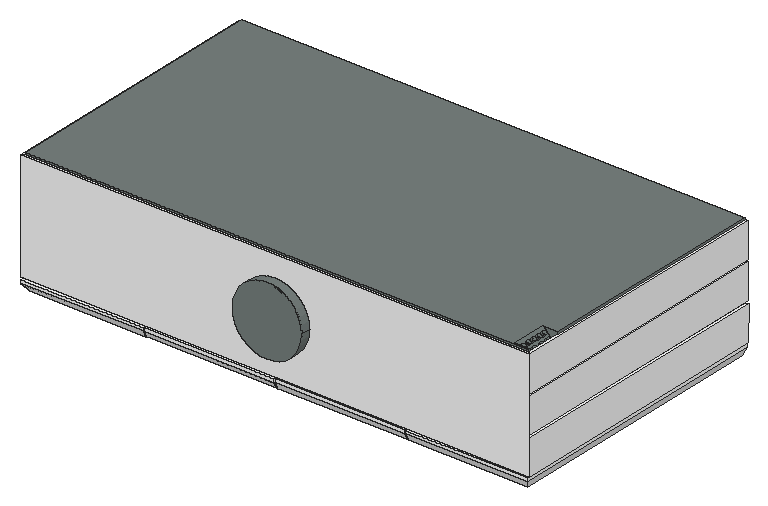
Revit family "AM 1000 HH DIT", category Mechanical Equipment, Revit 2019
Family settings
  Round Connector Dimension = Use Diameter
  Part Type = Normal
  OmniClass Number = 23.75.00.00
  OmniClass Title = Climate Control (HVAC)
  Work Plane-Based = No
  Always vertical = Yes
  Cut with Voids When Loaded = No
  Shared = No
  Room Calculation Point = No
Parameters
  Weight (Standard Unit) = 301.5  # constant formula
  Water heating surface in = "1/2\" (DN 15)"
  Water heating surface Return = "1/2\" (DN 15)"
  Water Heater Surface Return = 15 mm  # constant formula
  Water Heater Surface IN = 15 mm  # constant formula
  URL = "www.airmaster-as.com"
  Total Width = 2325 mm  # constant formula
  Total Hight = 560 mm  # constant formula
  Top Panel [instance] = yes
  T-C Duct Exhaust = 258 mm  # constant formula
  T-C Duct Supply = 258 mm  # constant formula
  Suply Air In = 315 mm  # constant formula
  R-C Duct Exhaust = 237 mm  # constant formula
  Phase 1 - Max Power Consumption = "4105 W"
  Phase 1 - Max Current = "19 A"
  Nominal current, electrical preheating surface = "10 A"
  Nominal current, electrical comfort heating surface = "6,5 A"
  Nominal current, air handling unit = "2,2 A"
  Network Conection = "AWG 24 CAT 5e STP"
  Model = "AM 1000 HHDIT"
  Middel Panel [instance] = yes
  Max. flow rate 35 dB(A) with ePM10 80% filters = 998.00 m³  # constant formula
  Max. flow rate 35 dB(A) with ePM10 55% filters = 1025.00 m³  # constant formula
  Max. flow rate 35 dB(A) with ePM10 50% filters = 1050.00 m³  # constant formula
  Max. flow rate 30 dB(A) with ePM10 80% filters = 903.00 m³  # constant formula
  Max. flow rate 30 dB(A) with ePM10 55% filters = 926.00 m³  # constant formula
  Max. flow rate 30 dB(A) with ePM10 50% filters = 950.00 m³  # constant formula
  Manufacturer = "Airmaster A/S"
  Maintenance [instance] = no
  L-C Duct ESupply = 317 mm  # constant formula
  Exhaust Air = 315 mm  # constant formula
  Total Depth = 1248 mm  # constant formula
  Electrical connection = "1  ~ 230V+N+PE / 3 ~ 230/400V+N+PE/ 50 Hz"
  Drawn By = "LSB"
  Data Sheet = "https://www.airmaster-as.com/media/dd4ftkqw/14174_ds_am1000_en_rev01.pdf"
  Condensate conector = "Ø6/9 mm"
  Condensate = 9 mm  # constant formula
  Buttom Panel [instance] = yes
  BMS Panel = "(PTS) 2x2x0,6"
  BMS Out = "(PTS) 2x2x0,6"
  BMS IN = "(PTS) 2x2x0,6"
  Airflow area [instance] = no
  Air flow area [instance] = Airflow
Reference planes
  plane 1 "Center (Front/Back)": y = 0
  plane 2: z = 0
  plane 3 "Center (Left/Right)": x = 0
  plane 4 "Center L/S": y = -1248
  plane 5 "Center L/T": x = -1162.5
  plane 6 "Center L/U": x = 1162.5
  plane 7 "TOP": z = 560
  plane 8 "Center L/V": x = -1147.5
  plane 9 "Center L/W": y = -1233
  plane 10 "Center L/X": x = 1147.5
  plane 11 "Panel Buttom": z = 44.5
  plane 12 "Panel Top": z = 212.5
  plane 13 "Hatch": z = 14.5
  plane 14 "Center L/Z": z = 222.5
  plane 15 "Center L/AA": z = 382.5
  plane 16 "Center L/BB": z = 392.5
  plane 17 "Center L/CC": z = 552.5
  plane 18 "Center L/DD": z = 52.35
  plane 19 "Center L/EE": z = 411.6
  plane 20: x = 1077.714
  plane 21: y = -1065.25
Forms (mm)
  Extrusion 1, solid, material "AM Grey"
    sketch origin (0, 0, 0) x (1, 0, 0) y (0, 1, 0)
      loop
        line (-1147.5, 0) -> (-1147.5, -1233) -> (1147.5, -1233) -> (1147.5, 0) -> (-1147.5, 0)
    from 44.5 to 560
  Blend 2, solid, material "AM White"
    base sketch origin (-790.646, -1524, 14.5) x (0, -1, 0) y (1, 0, 0)
      loop
        line (-276, -364.887) -> (-276, 1946.157) -> (-1524, 1946.157) -> (-1524, -364.887) -> (-276, -364.887)
    top sketch origin (-790.646, -1524, 14.5) x (0, -1, 0) y (1, 0, 0)
      loop
        line (-291, -337.182) -> (-291, 1935.146) -> (-1512, 1935.146) -> (-1512, -337.182) -> (-291, -337.182)
    from 14.086 to -14.5
  Extrusion 3, solid, material "AM Grey"
    sketch origin (-1147.5, 0, 0) x (1, 0, 0) y (0, 0, -1)
      loop
        circle (2073, -302) r 157.5
    from 0 to 9.75
  Extrusion 4, solid, material "AM Grey"
    sketch origin (-785, 0, 0) x (1, 0, 0) y (0, 0, -1)
      loop
        circle (-60.5, -302) r 157.5
    from 0 to 9.75
  Extrusion 5, solid, material "Maintenece", visible <- "Maintenance"
    sketch origin (-790.646, -1524, 0) x (1, 0, 0) y (0, -1, 0)
      loop
        line (-355.498, -1524) -> (1953.146, -1524) -> (1953.146, -276) -> (-355.498, -276) -> (-355.498, -1524)
    from 0 to 1200
  Extrusion 6, solid, material "Airflow" <- "Air flow area", visible <- "Airflow area"
    sketch origin (-790.646, -1524, 0) x (1, 0, 0) y (0, -1, 0)
      loop
        line (-371.854, -1524) -> (-371.854, -276) -> (-871.854, -276) -> (-871.854, -1524) -> (-371.854, -1524)
    from -392.5 to -552.5
  Extrusion 7, void
    sketch origin (1162.5, -1248, 44.5) x (1, 0, 0) y (0, 0, -1)
      loop
        line (-561, 44.65) -> (-570.2, 44.65)
        arc (-570.2, 44.65) -> (-568.786, 44.064) -> (-568.2, 42.65) r 2
        line (-568.2, 42.65) -> (-568.2, -7.85) -> (-563, -7.85) -> (-563, 42.65)
        arc (-563, 42.65) -> (-562.414, 44.064) -> (-561, 44.65) r 2
      loop
        line (-1157.2, 44.65) -> (-1166.4, 44.65)
        arc (-1166.4, 44.65) -> (-1164.986, 44.064) -> (-1164.4, 42.65) r 2
        line (-1164.4, 42.65) -> (-1164.4, -7.85) -> (-1159.2, -7.85) -> (-1159.2, 42.65)
        arc (-1159.2, 42.65) -> (-1158.614, 44.064) -> (-1157.2, 44.65) r 2
      loop
        line (-1754.3, 44.65) -> (-1763.5, 44.65)
        arc (-1763.5, 44.65) -> (-1762.086, 44.064) -> (-1761.5, 42.65) r 2
        line (-1761.5, 42.65) -> (-1761.5, -7.85) -> (-1756.3, -7.85) -> (-1756.3, 42.65)
        arc (-1756.3, 42.65) -> (-1755.714, 44.064) -> (-1754.3, 44.65) r 2
    from 0 to 1281
  Extrusion 8, solid, material "AM White"
    sketch origin (0, 0, 44.5) x (0, 1, 0) y (1, 0, 0)
      loop
        line (-1248, -1157) -> (0, -1157) -> (0, 1155.511) -> (-1248, 1155.511) -> (-1248, -1157)
    from 0 to 15.914
  Extrusion 9, solid, material "AM White", visible <- "Middel Panel"
    sketch origin (794.5, -1524, 214.5) x (0, -1, 0) y (-1, 0, 0)
      loop
        line (-1524, 1957) -> (-1524, 1942) -> (-293.318, 1942) -> (-278.318, 1957) -> (-1524, 1957)
      loop
        line (-1524, -368) -> (-278.318, -368) -> (-293.318, -353) -> (-1524, -353) -> (-1524, -368)
    from -7.85 to -168
  Extrusion 10, void
    sketch origin (-1162.5, 0, 44.5) x (0, 1, 0) y (0, 0, 1)
      loop
        line (-411.4, 495.5) -> (-501.4, 495.5) -> (-501.4, 465.5) -> (-411.4, 465.5) -> (-411.4, 495.5)
      loop
        line (-411.4, 460.5) -> (-501.4, 460.5) -> (-501.4, 430.5) -> (-411.4, 430.5) -> (-411.4, 460.5)
      loop
        line (-411.4, 425.5) -> (-501.4, 425.5) -> (-501.4, 395.5) -> (-411.4, 395.5) -> (-411.4, 425.5)
      loop
        line (-411.4, 390.5) -> (-501.4, 390.5) -> (-501.4, 360.5) -> (-411.4, 360.5) -> (-411.4, 390.5)
      loop
        line (-506.4, 495.5) -> (-596.4, 495.5) -> (-596.4, 465.5) -> (-506.4, 465.5) -> (-506.4, 495.5)
      loop
        line (-506.4, 460.5) -> (-596.4, 460.5) -> (-596.4, 430.5) -> (-506.4, 430.5) -> (-506.4, 460.5)
      loop
        line (-506.4, 425.5) -> (-596.4, 425.5) -> (-596.4, 395.5) -> (-506.4, 395.5) -> (-506.4, 425.5)
      loop
        line (-506.4, 390.5) -> (-596.4, 390.5) -> (-596.4, 360.5) -> (-506.4, 360.5) -> (-506.4, 390.5)
      loop
        line (-601.4, 495.5) -> (-691.4, 495.5) -> (-691.4, 465.5) -> (-601.4, 465.5) -> (-601.4, 495.5)
      loop
        line (-601.4, 460.5) -> (-691.4, 460.5) -> (-691.4, 430.5) -> (-601.4, 430.5) -> (-601.4, 460.5)
      loop
        line (-601.4, 425.5) -> (-691.4, 425.5) -> (-691.4, 395.5) -> (-601.4, 395.5) -> (-601.4, 425.5)
      loop
        line (-601.4, 390.5) -> (-691.4, 390.5) -> (-691.4, 360.5) -> (-601.4, 360.5) -> (-601.4, 390.5)
      loop
        line (-696.4, 495.5) -> (-786.4, 495.5) -> (-786.4, 465.5) -> (-696.4, 465.5) -> (-696.4, 495.5)
      loop
        line (-696.4, 460.5) -> (-786.4, 460.5) -> (-786.4, 430.5) -> (-696.4, 430.5) -> (-696.4, 460.5)
      loop
        line (-696.4, 425.5) -> (-786.4, 425.5) -> (-786.4, 395.5) -> (-696.4, 395.5) -> (-696.4, 425.5)
      loop
        line (-696.4, 390.5) -> (-786.4, 390.5) -> (-786.4, 360.5) -> (-696.4, 360.5) -> (-696.4, 390.5)
      loop
        line (-791.4, 495.5) -> (-881.4, 495.5) -> (-881.4, 465.5) -> (-791.4, 465.5) -> (-791.4, 495.5)
      loop
        line (-791.4, 460.5) -> (-881.4, 460.5) -> (-881.4, 430.5) -> (-791.4, 430.5) -> (-791.4, 460.5)
      loop
        line (-791.4, 425.5) -> (-881.4, 425.5) -> (-881.4, 395.5) -> (-791.4, 395.5) -> (-791.4, 425.5)
      loop
        line (-791.4, 390.5) -> (-881.4, 390.5) -> (-881.4, 360.5) -> (-791.4, 360.5) -> (-791.4, 390.5)
      loop
        line (-886.4, 495.5) -> (-976.4, 495.5) -> (-976.4, 465.5) -> (-886.4, 465.5) -> (-886.4, 495.5)
      loop
        line (-886.4, 460.5) -> (-976.4, 460.5) -> (-976.4, 430.5) -> (-886.4, 430.5) -> (-886.4, 460.5)
      loop
        line (-886.4, 425.5) -> (-976.4, 425.5) -> (-976.4, 395.5) -> (-886.4, 395.5) -> (-886.4, 425.5)
      loop
        line (-886.4, 390.5) -> (-976.4, 390.5) -> (-976.4, 360.5) -> (-886.4, 360.5) -> (-886.4, 390.5)
      loop
        line (-981.4, 495.5) -> (-1071.4, 495.5) -> (-1071.4, 465.5) -> (-981.4, 465.5) -> (-981.4, 495.5)
      loop
        line (-981.4, 460.5) -> (-1071.4, 460.5) -> (-1071.4, 430.5) -> (-981.4, 430.5) -> (-981.4, 460.5)
      loop
        line (-981.4, 425.5) -> (-1071.4, 425.5) -> (-1071.4, 395.5) -> (-981.4, 395.5) -> (-981.4, 425.5)
      loop
        line (-981.4, 390.5) -> (-1071.4, 390.5) -> (-1071.4, 360.5) -> (-981.4, 360.5) -> (-981.4, 390.5)
    from 0 to 15
  Extrusion 11, solid
    sketch origin (1147.5, -1256.441, -6.992) x (0, 1, 0) y (0, 0, 1)
      loop
        arc (1222.716, 528.556) -> (1233.368, 538.673) -> (1222.441, 548.492) r 10
        arc (1222.441, 548.492) -> (1213.37, 538.397) -> (1222.716, 528.556) r 10
    from 0 to 14
  Extrusion 12, solid
    sketch origin (1147.5, -1256.441, -6.992) x (0, 1, 0) y (0, 0, 1)
      loop
        arc (1200.869, 545.503) -> (1201.138, 537.541) -> (1202.323, 545.419) r 4
        arc (1202.323, 545.419) -> (1201.6, 545.528) -> (1200.869, 545.503) r 4
    from 0 to 14
  Extrusion 13, solid
    sketch origin (1147.5, -1256.441, -6.992) x (0, 1, 0) y (0, 0, 1)
      loop
        arc (1222.716, 498.556) -> (1233.368, 508.673) -> (1222.441, 518.492) r 10
        arc (1222.441, 518.492) -> (1213.37, 508.397) -> (1222.716, 498.556) r 10
    from 0 to 14
  Extrusion 14, solid
    sketch origin (1147.5, -1256.441, -6.992) x (0, 1, 0) y (0, 0, 1)
      loop
        arc (1200.869, 531.503) -> (1201.138, 523.541) -> (1202.323, 531.419) r 4
        arc (1202.323, 531.419) -> (1201.6, 531.528) -> (1200.869, 531.503) r 4
    from 0 to 14
  Extrusion 15, solid
    sketch origin (1147.5, -1256.441, -6.992) x (0, 1, 0) y (0, 0, 1)
      loop
        arc (1200.869, 517.503) -> (1201.138, 509.541) -> (1202.323, 517.419) r 4
        arc (1202.323, 517.419) -> (1201.6, 517.528) -> (1200.869, 517.503) r 4
    from 0 to 14
  Extrusion 16, solid
    sketch origin (1147.5, -1256.441, -6.992) x (0, 1, 0) y (0, 0, 1)
      loop
        arc (1200.869, 503.503) -> (1201.138, 495.541) -> (1202.323, 503.419) r 4
        arc (1202.323, 503.419) -> (1201.6, 503.528) -> (1200.869, 503.503) r 4
    from 0 to 14
  Extrusion 17, solid
    sketch origin (1147.5, -1256.441, -6.992) x (0, 1, 0) y (0, 0, 1)
      loop
        arc (1200.869, 489.503) -> (1201.138, 481.541) -> (1202.323, 489.419) r 4
        arc (1202.323, 489.419) -> (1201.6, 489.528) -> (1200.869, 489.503) r 4
    from 0 to 14
  Extrusion 18, solid
    sketch origin (1147.5, -1256.441, -6.992) x (0, 1, 0) y (0, 0, 1)
      loop
        arc (1200.869, 475.503) -> (1201.138, 467.541) -> (1202.323, 475.419) r 4
        arc (1202.323, 475.419) -> (1201.6, 475.528) -> (1200.869, 475.503) r 4
    from 0 to 14
  Extrusion 19, solid
    sketch origin (1147.5, -1256.441, -6.992) x (0, 1, 0) y (0, 0, 1)
      loop
        arc (1200.869, 461.503) -> (1201.138, 453.541) -> (1202.323, 461.419) r 4
        arc (1202.323, 461.419) -> (1201.6, 461.528) -> (1200.869, 461.503) r 4
    from 0 to 14
  Extrusion 20, solid
    sketch origin (1147.5, -1256.441, -6.992) x (0, 1, 0) y (0, 0, 1)
      loop
        arc (1200.869, 447.503) -> (1201.138, 439.541) -> (1202.323, 447.419) r 4
        arc (1202.323, 447.419) -> (1201.6, 447.528) -> (1200.869, 447.503) r 4
    from 0 to 14
  Extrusion 21, solid
    sketch origin (1147.5, -1256.441, -6.992) x (0, 1, 0) y (0, 0, 1)
      loop
        arc (1200.869, 433.503) -> (1201.138, 425.541) -> (1202.323, 433.419) r 4
        arc (1202.323, 433.419) -> (1201.6, 433.528) -> (1200.869, 433.503) r 4
    from 0 to 14
  Extrusion 22, solid
    sketch origin (1147.5, -1256.441, -6.992) x (0, 1, 0) y (0, 0, 1)
      loop
        arc (1200.869, 419.503) -> (1201.138, 411.541) -> (1202.323, 419.419) r 4
        arc (1202.323, 419.419) -> (1201.6, 419.528) -> (1200.869, 419.503) r 4
    from 0 to 14
  Extrusion 23, solid
    sketch origin (1147.5, -1256.441, -6.992) x (0, 1, 0) y (0, 0, 1)
      loop
        arc (1222.716, 468.556) -> (1233.368, 478.673) -> (1222.441, 488.492) r 10
        arc (1222.441, 488.492) -> (1213.37, 478.397) -> (1222.716, 468.556) r 10
    from 0 to 14
  Extrusion 24, solid
    sketch origin (1147.5, -1256.441, -6.992) x (0, 1, 0) y (0, 0, 1)
      loop
        arc (1222.716, 438.556) -> (1233.368, 448.673) -> (1222.441, 458.492) r 10
        arc (1222.441, 458.492) -> (1213.37, 448.397) -> (1222.716, 438.556) r 10
    from 0 to 14
  Extrusion 25, solid
    sketch origin (1147.5, -1256.441, -6.992) x (0, 1, 0) y (0, 0, 1)
      loop
        arc (1222.716, 408.556) -> (1233.368, 418.673) -> (1222.441, 428.492) r 10
        arc (1222.441, 428.492) -> (1213.37, 418.397) -> (1222.716, 408.556) r 10
    from 0 to 14
  Extrusion 26, void
    sketch origin (1147.5, -1233, 0) x (1, 0, 0) y (0, 0, -1)
      loop
        line (-69.786, -560) -> (0, -560) -> (0, -490.214) -> (-69.786, -560)
    from 5 to 167.75
  Extrusion 27, solid, material "AM Grey"
    sketch origin (1077.714, -1240.497, 560) x (0.707107, 0, -0.707107) y (0, 1, 0)
      loop
        circle (55.785, 29.963) r 10
    from 0 to 15
  Extrusion 28, solid, material "AM Grey"
    sketch origin (1077.714, -4445.497, 560) x (0.707107, 0, -0.707107) y (0, 1, 0)
      loop
        circle (25.193, 3235.104) r 8
    from 0 to 15
  Extrusion 29, solid, material "AM Grey"
    sketch origin (1077.714, -4415.497, 560) x (0.707107, 0, -0.707107) y (0, 1, 0)
      loop
        circle (25.193, 3235.104) r 8
    from 0 to 15
  Extrusion 30, solid, material "AM Grey"
    sketch origin (1077.714, -4385.497, 560) x (0.707107, 0, -0.707107) y (0, 1, 0)
      loop
        circle (25.193, 3235.104) r 8
    from 0 to 15
  Extrusion 31, solid, material "AM Grey"
    sketch origin (1077.714, -4355.497, 560) x (0.707107, 0, -0.707107) y (0, 1, 0)
      loop
        circle (25.193, 3235.104) r 8
    from 0 to 15
  Extrusion 32, solid, material "AM Grey"
    sketch origin (1077.714, -4325.497, 560) x (0.707107, 0, -0.707107) y (0, 1, 0)
      loop
        circle (25.193, 3235.104) r 8
    from 0 to 15
  Extrusion 33, solid, material "AM Grey"
    sketch origin (1077.714, -1201.186, 560) x (0.707107, 0, -0.707107) y (0, 1, 0)
      loop
        circle (55.785, 29.963) r 10
    from 0 to 15
  Extrusion 34, solid, material "AM Grey"
    sketch origin (1077.714, -1159.936, 560) x (0.707107, 0, -0.707107) y (0, 1, 0)
      loop
        circle (55.785, 29.963) r 10
    from 0 to 15
  Extrusion 35, solid, material "AM Grey"
    sketch origin (1077.714, -1120.561, 560) x (0.707107, 0, -0.707107) y (0, 1, 0)
      loop
        circle (55.785, 29.963) r 10
    from 0 to 15
  Extrusion 36, solid, material "AM Grey"
    sketch origin (-1147.5, -1233, 0) x (0, 1, 0) y (0, 0, -1)
      loop
        line (1232.629, -484.5) -> (1232.629, -460.5) -> (1225.161, -460.5) -> (1208.129, -460.5)
        arc (1208.129, -460.5) -> (1196.129, -472.5) -> (1208.129, -484.5) r 12
        line (1208.129, -484.5) -> (1224.336, -484.5) -> (1232.629, -484.5)
    from 0 to 14
  Extrusion 37, solid, material "AM Grey"
    sketch origin (-1147.5, -1233, -44.5) x (0, 1, 0) y (0, 0, -1)
      loop
        line (1232.629, -484.5) -> (1232.629, -460.5) -> (1225.161, -460.5) -> (1208.129, -460.5)
        arc (1208.129, -460.5) -> (1196.129, -472.5) -> (1208.129, -484.5) r 12
        line (1208.129, -484.5) -> (1224.336, -484.5) -> (1232.629, -484.5)
    from 0 to 14
  Extrusion 38, solid, material "AM White"
    sketch origin (794.5, -1524, 44.5) x (0, -1, 0) y (-1, 0, 0)
      loop
        line (-276, -365.7) -> (-276, 1954.706) -> (-291, 1939.706) -> (-291, -350.7) -> (-276, -365.7)
    from -7.85 to -508
  Extrusion 39, solid, material "AM White", visible <- "Top Panel"
    sketch origin (794.5, -1524, 384.5) x (0, -1, 0) y (-1, 0, 0)
      loop
        line (-1524, 1957) -> (-1524, 1942) -> (-293.318, 1942) -> (-278.318, 1957) -> (-1524, 1957)
      loop
        line (-1524, -368) -> (-278.318, -368) -> (-293.318, -353) -> (-1524, -353) -> (-1524, -368)
    from -7.85 to -168
  Extrusion 40, solid, material "AM White", visible <- "Buttom Panel"
    sketch origin (794.5, -1524, 44.5) x (0, -1, 0) y (-1, 0, 0)
      loop
        line (-1524, 1957) -> (-1524, 1942) -> (-293.318, 1942) -> (-278.318, 1957) -> (-1524, 1957)
      loop
        line (-1524, -368) -> (-278.318, -368) -> (-293.318, -353) -> (-1524, -353) -> (-1524, -368)
    from -7.85 to -168
  Extrusion 41, solid, material "AM Grey"
    sketch origin (1162.5, -1248, 214.5) x (-1, 0, 0) y (0, 0, -1)
      loop
        circle (1162, -87.5) r 157.5
    from 0 to 45
Cuts and joins
  Extrusion 7 cuts Blend 2
  Extrusion 7 cuts Extrusion 8
  Extrusion 10, Extrusion 26 cuts Extrusion 1
  Extrusion 10 cuts Extrusion 6
  Extrusion 10 cuts Extrusion 39
Dimensions and locks
  "Total Depth": plane 4 "Center L/S" to plane 1 "Center (Front/Back)"
  equal spacing: plane 5 "Center L/T", plane 3 "Center (Left/Right)", plane 6 "Center L/U"
  "Total Width": plane 5 "Center L/T" to plane 6 "Center L/U"
  "Total Hight": plane 7 "TOP" to level
  locked: plane 10 "Center L/X" to plane 6 "Center L/U" at 15
  locked: plane 4 "Center L/S" to plane 9 "Center L/W" at 15
  locked: plane 5 "Center L/T" to plane 8 "Center L/V" at 15
  "R-C Duct Exhaust": plane 6 "Center L/U" to Extrusion 3 sketch curve
  "T-C Duct Supply": Extrusion 4 sketch curve to plane 7 "TOP"
  "L-C Duct ESupply": Extrusion 4 sketch curve to plane 5 "Center L/T"
  Extrusion 6 to plane 5 "Center L/T" = 500 mm
  nested 2 to plane 1 "Center (Front/Back)" = 624 mm
  plane 6 "Center L/U" to Extrusion 41 sketch curve = 1162 mm
  plane 7 "TOP" to Extrusion 41 sketch curve = 258 mm
  "Exhaust Air": diameter of Extrusion 3 sketch curve
  "Suply Air In": diameter of Extrusion 4 sketch curve
  "Suply Air In": diameter of Extrusion 41 sketch curve
  aligned and locked: level to plane 2
  aligned and locked: plane 1 "Center (Front/Back)" to Extrusion 1 sketch curve
  aligned and locked: Extrusion 1 sketch curve to plane 8 "Center L/V"
  aligned and locked: Extrusion 1 sketch curve to plane 9 "Center L/W"
  aligned and locked: Extrusion 1 sketch curve to plane 10 "Center L/X"
  aligned and locked: plane 7 "TOP" to Extrusion 1
  aligned and locked: Blend 2 to plane 2
  aligned and locked: Extrusion 1 to plane 11 "Panel Buttom"
  aligned and locked: plane 5 "Center L/T" to Extrusion 6
  aligned and locked: Extrusion 3 to Extrusion 4
Automatic sketch dimensions
  plane 1 "Center (Front/Back)" to Blend 2 sketch curve = 0 mm
  plane 4 "Center L/S" to Blend 2 sketch curve = 0 mm
  plane 5 "Center L/T" to Blend 2 sketch curve = 6.967 mm
  Blend 2 sketch curve to plane 6 "Center L/U" = 6.989 mm
  Blend 2 sketch curve to plane 9 "Center L/W" = 0 mm
  Blend 2 sketch curve to plane 10 "Center L/X" = 3 mm
  plane 1 "Center (Front/Back)" to Blend 2 sketch curve = 12 mm
  plane 8 "Center L/V" to Blend 2 sketch curve = 19.672 mm
  Extrusion 1 to Extrusion 3 sketch curve = 258 mm
  Extrusion 5 sketch curve to Blend 2 = 18.316 mm
  Extrusion 5 sketch curve to Blend 2 = 18 mm
  Extrusion 5 sketch curve to Blend 2 = 15 mm
  Extrusion 5 sketch curve to Blend 2 = 12 mm
  Extrusion 6 sketch curve to Blend 2 = 12 mm
  Extrusion 6 sketch curve to Blend 2 = 534.672 mm
  Extrusion 6 sketch curve to Blend 2 = 15 mm
  Extrusion 6 sketch curve to Blend 2 = 34.672 mm
  Extrusion 7 sketch curve to plane 18 "Center L/DD" = 0 mm  (x3)
  level to Extrusion 7 sketch curve = 1.85 mm  (x6)
  plane 8 "Center L/V" to Extrusion 7 sketch curve = 546.5 mm
  Extrusion 7 sketch curve to Extrusion 7 sketch curve = 2 mm  (x5)
  Extrusion 7 sketch curve to Extrusion 7 sketch curve = 5.2 mm  (x2)
  Extrusion 7 sketch curve to plane 3 "Center (Left/Right)" = 3.9 mm
  Extrusion 7 sketch curve to plane 3 "Center (Left/Right)" = 1.9 mm
  plane 3 "Center (Left/Right)" to Extrusion 7 sketch curve = 3.3 mm
  Extrusion 7 sketch curve to plane 20 = 485.414 mm
  Extrusion 7 sketch curve to Extrusion 7 sketch curve = 0 mm  (x9)
  Extrusion 1 to Extrusion 8 sketch curve = 0 mm
  Extrusion 8 sketch curve to Extrusion 1 = 15 mm
  Extrusion 8 sketch curve to Extrusion 1 = 8.011 mm
  Extrusion 8 sketch curve to Extrusion 1 = 9.5 mm
  plane 1 "Center (Front/Back)" to Extrusion 9 sketch curve = 0 mm  (x2)
  Extrusion 9 sketch curve to plane 10 "Center L/X" = 0 mm
  Extrusion 9 sketch curve to plane 8 "Center L/V" = 0 mm
  Extrusion 9 sketch curve to plane 5 "Center L/T" = 0 mm
  Extrusion 9 sketch curve to plane 6 "Center L/U" = 0 mm
  Extrusion 9 sketch curve to plane 9 "Center L/W" = 2.318 mm  (x2)
  Extrusion 9 sketch curve to plane 4 "Center L/S" = 2.318 mm  (x2)
  Extrusion 10 sketch curve to plane 21 = 6.15 mm  (x2)
  Extrusion 10 sketch curve to Extrusion 10 sketch curve = 0 mm  (x50)
  plane 21 to Extrusion 10 sketch curve = 83.85 mm
  Extrusion 10 sketch curve to Extrusion 10 sketch curve = 5 mm  (x35)
  Extrusion 10 sketch curve to Extrusion 10 sketch curve = 90 mm  (x6)
  plane 19 "Center L/EE" to Extrusion 10 sketch curve = 6.6 mm  (x3)
  Extrusion 10 sketch curve to plane 19 "Center L/EE" = 23.4 mm  (x5)
  Extrusion 10 sketch curve to Extrusion 10 sketch curve = 30 mm  (x6)
  plane 17 "Center L/CC" to Extrusion 10 sketch curve = 12.5 mm  (x4)
  Extrusion 11 sketch curve to Extrusion 11 sketch curve = 0 mm  (x2)
  Extrusion 1 to Extrusion 11 sketch curve = 33.072 mm
  Extrusion 1 to Extrusion 11 sketch curve = 28.457 mm
  Extrusion 11 sketch curve to Extrusion 11 sketch curve = 0.653 mm
  Extrusion 11 sketch curve to Extrusion 11 sketch curve = 0.928 mm
  Extrusion 11 sketch curve to Extrusion 11 sketch curve = 9.979 mm
  Extrusion 12 sketch curve to Extrusion 12 sketch curve = 0 mm  (x2)
  Extrusion 1 to Extrusion 12 sketch curve = 25.457 mm
  Extrusion 1 to Extrusion 12 sketch curve = 55.072 mm
  Extrusion 12 sketch curve to Extrusion 12 sketch curve = 0.5 mm
  Extrusion 12 sketch curve to Extrusion 12 sketch curve = 1.454 mm
  Extrusion 12 sketch curve to Extrusion 12 sketch curve = 3.884 mm
  Extrusion 13 sketch curve to Extrusion 13 sketch curve = 0 mm  (x2)
  Extrusion 1 to Extrusion 13 sketch curve = 33.072 mm
  Extrusion 1 to Extrusion 13 sketch curve = 58.457 mm
  Extrusion 13 sketch curve to Extrusion 13 sketch curve = 0.653 mm
  Extrusion 13 sketch curve to Extrusion 13 sketch curve = 0.928 mm
  Extrusion 13 sketch curve to Extrusion 13 sketch curve = 9.979 mm
  Extrusion 14 sketch curve to Extrusion 14 sketch curve = 0 mm  (x2)
  Extrusion 1 to Extrusion 14 sketch curve = 55.072 mm
  Extrusion 1 to Extrusion 14 sketch curve = 39.457 mm
  Extrusion 14 sketch curve to Extrusion 14 sketch curve = 0.5 mm
  Extrusion 14 sketch curve to Extrusion 14 sketch curve = 1.454 mm
  Extrusion 14 sketch curve to Extrusion 14 sketch curve = 3.884 mm
  Extrusion 15 sketch curve to Extrusion 15 sketch curve = 0 mm  (x2)
  Extrusion 1 to Extrusion 15 sketch curve = 55.072 mm
  Extrusion 1 to Extrusion 15 sketch curve = 53.457 mm
  Extrusion 15 sketch curve to Extrusion 15 sketch curve = 0.5 mm
  Extrusion 15 sketch curve to Extrusion 15 sketch curve = 1.454 mm
  Extrusion 15 sketch curve to Extrusion 15 sketch curve = 3.884 mm
  Extrusion 16 sketch curve to Extrusion 16 sketch curve = 0 mm  (x2)
  Extrusion 1 to Extrusion 16 sketch curve = 55.072 mm
  Extrusion 1 to Extrusion 16 sketch curve = 67.457 mm
  Extrusion 16 sketch curve to Extrusion 16 sketch curve = 0.5 mm
  Extrusion 16 sketch curve to Extrusion 16 sketch curve = 1.454 mm
  Extrusion 16 sketch curve to Extrusion 16 sketch curve = 3.884 mm
  Extrusion 17 sketch curve to Extrusion 17 sketch curve = 0 mm  (x2)
  Extrusion 1 to Extrusion 17 sketch curve = 55.072 mm
  Extrusion 1 to Extrusion 17 sketch curve = 81.457 mm
  Extrusion 17 sketch curve to Extrusion 17 sketch curve = 0.5 mm
  Extrusion 17 sketch curve to Extrusion 17 sketch curve = 1.454 mm
  Extrusion 17 sketch curve to Extrusion 17 sketch curve = 3.884 mm
  Extrusion 18 sketch curve to Extrusion 18 sketch curve = 0 mm  (x2)
  Extrusion 1 to Extrusion 18 sketch curve = 55.072 mm
  Extrusion 1 to Extrusion 18 sketch curve = 95.457 mm
  Extrusion 18 sketch curve to Extrusion 18 sketch curve = 0.5 mm
  Extrusion 18 sketch curve to Extrusion 18 sketch curve = 1.454 mm
  Extrusion 18 sketch curve to Extrusion 18 sketch curve = 3.884 mm
  Extrusion 19 sketch curve to Extrusion 19 sketch curve = 0 mm  (x2)
  Extrusion 1 to Extrusion 19 sketch curve = 55.072 mm
  Extrusion 1 to Extrusion 19 sketch curve = 109.457 mm
  Extrusion 19 sketch curve to Extrusion 19 sketch curve = 0.5 mm
  Extrusion 19 sketch curve to Extrusion 19 sketch curve = 1.454 mm
  Extrusion 19 sketch curve to Extrusion 19 sketch curve = 3.884 mm
  Extrusion 20 sketch curve to Extrusion 20 sketch curve = 0 mm  (x2)
  Extrusion 1 to Extrusion 20 sketch curve = 55.072 mm
  Extrusion 1 to Extrusion 20 sketch curve = 123.457 mm
  Extrusion 20 sketch curve to Extrusion 20 sketch curve = 0.5 mm
  Extrusion 20 sketch curve to Extrusion 20 sketch curve = 1.454 mm
  Extrusion 20 sketch curve to Extrusion 20 sketch curve = 3.884 mm
  Extrusion 21 sketch curve to Extrusion 21 sketch curve = 0 mm  (x2)
  Extrusion 1 to Extrusion 21 sketch curve = 55.072 mm
  Extrusion 1 to Extrusion 21 sketch curve = 137.457 mm
  Extrusion 21 sketch curve to Extrusion 21 sketch curve = 0.5 mm
  Extrusion 21 sketch curve to Extrusion 21 sketch curve = 1.454 mm
  Extrusion 21 sketch curve to Extrusion 21 sketch curve = 3.884 mm
  Extrusion 22 sketch curve to Extrusion 22 sketch curve = 0 mm  (x2)
  Extrusion 1 to Extrusion 22 sketch curve = 55.072 mm
  Extrusion 1 to Extrusion 22 sketch curve = 151.457 mm
  Extrusion 22 sketch curve to Extrusion 22 sketch curve = 0.5 mm
  Extrusion 22 sketch curve to Extrusion 22 sketch curve = 1.454 mm
  Extrusion 22 sketch curve to Extrusion 22 sketch curve = 3.884 mm
  Extrusion 23 sketch curve to Extrusion 23 sketch curve = 0 mm  (x2)
  Extrusion 1 to Extrusion 23 sketch curve = 33.072 mm
  Extrusion 1 to Extrusion 23 sketch curve = 88.457 mm
  Extrusion 23 sketch curve to Extrusion 23 sketch curve = 0.653 mm
  Extrusion 23 sketch curve to Extrusion 23 sketch curve = 0.928 mm
  Extrusion 23 sketch curve to Extrusion 23 sketch curve = 9.979 mm
  Extrusion 24 sketch curve to Extrusion 24 sketch curve = 0 mm  (x2)
  Extrusion 1 to Extrusion 24 sketch curve = 33.072 mm
  Extrusion 1 to Extrusion 24 sketch curve = 118.457 mm
  Extrusion 24 sketch curve to Extrusion 24 sketch curve = 0.653 mm
  Extrusion 24 sketch curve to Extrusion 24 sketch curve = 0.928 mm
  Extrusion 24 sketch curve to Extrusion 24 sketch curve = 9.979 mm
  Extrusion 25 sketch curve to Extrusion 25 sketch curve = 0 mm  (x2)
  Extrusion 1 to Extrusion 25 sketch curve = 33.072 mm
  Extrusion 1 to Extrusion 25 sketch curve = 148.457 mm
  Extrusion 25 sketch curve to Extrusion 25 sketch curve = 0.653 mm
  Extrusion 25 sketch curve to Extrusion 25 sketch curve = 0.928 mm
  Extrusion 25 sketch curve to Extrusion 25 sketch curve = 9.979 mm
  Extrusion 26 sketch curve to Extrusion 1 = 0 mm
  Extrusion 1 to Extrusion 26 sketch curve = 0 mm
  Extrusion 1 to Extrusion 26 sketch curve = 69.786 mm
  Extrusion 26 sketch curve to Extrusion 26 sketch curve = 69.786 mm
  Extrusion 26 to Extrusion 27 sketch curve = 17.466 mm
  Extrusion 27 sketch curve to Extrusion 26 = 42.906 mm
  Extrusion 28 sketch curve to Extrusion 26 = 25.193 mm
  Extrusion 26 to Extrusion 28 sketch curve = 17.608 mm
  Extrusion 29 sketch curve to Extrusion 26 = 25.193 mm
  Extrusion 26 to Extrusion 29 sketch curve = 47.608 mm
  Extrusion 30 sketch curve to Extrusion 26 = 25.193 mm
  Extrusion 26 to Extrusion 30 sketch curve = 77.608 mm
  Extrusion 31 sketch curve to Extrusion 26 = 25.193 mm
  Extrusion 26 to Extrusion 31 sketch curve = 55.142 mm
  Extrusion 32 sketch curve to Extrusion 26 = 25.193 mm
  Extrusion 26 to Extrusion 32 sketch curve = 25.142 mm
  Extrusion 33 sketch curve to Extrusion 26 = 42.906 mm
  Extrusion 26 to Extrusion 33 sketch curve = 56.777 mm
  Extrusion 34 sketch curve to Extrusion 26 = 42.906 mm
  Extrusion 26 to Extrusion 34 sketch curve = 64.723 mm
  Extrusion 35 sketch curve to Extrusion 26 = 42.906 mm
  Extrusion 26 to Extrusion 35 sketch curve = 25.348 mm
  Extrusion 1 to Extrusion 36 sketch curve = 24.871 mm
  Extrusion 1 to Extrusion 36 sketch curve = 8.664 mm
  Extrusion 1 to Extrusion 36 sketch curve = 7.839 mm
  Extrusion 1 to Extrusion 36 sketch curve = 0.371 mm
  Extrusion 1 to Extrusion 36 sketch curve = 75.5 mm
  Extrusion 36 sketch curve to Extrusion 36 sketch curve = 12 mm
  Extrusion 1 to Extrusion 37 sketch curve = 24.871 mm
  Extrusion 1 to Extrusion 37 sketch curve = 8.664 mm
  Extrusion 1 to Extrusion 37 sketch curve = 7.839 mm
  Extrusion 1 to Extrusion 37 sketch curve = 0.371 mm
  Extrusion 1 to Extrusion 37 sketch curve = 120 mm
  Extrusion 37 sketch curve to Extrusion 37 sketch curve = 12 mm
  Extrusion 38 sketch curve to plane 9 "Center L/W" = 0 mm
  plane 4 "Center L/S" to Extrusion 38 sketch curve = 0 mm
  plane 5 "Center L/T" to Extrusion 38 sketch curve = 2.294 mm
  plane 8 "Center L/V" to Extrusion 38 sketch curve = 2.294 mm
  Extrusion 38 sketch curve to plane 10 "Center L/X" = 2.3 mm
  Extrusion 38 sketch curve to plane 6 "Center L/U" = 2.3 mm
  plane 1 "Center (Front/Back)" to Extrusion 39 sketch curve = 0 mm  (x2)
  Extrusion 39 sketch curve to plane 10 "Center L/X" = 0 mm
  Extrusion 39 sketch curve to plane 8 "Center L/V" = 0 mm
  Extrusion 39 sketch curve to plane 5 "Center L/T" = 0 mm
  Extrusion 39 sketch curve to plane 6 "Center L/U" = 0 mm
  Extrusion 39 sketch curve to plane 9 "Center L/W" = 2.318 mm  (x2)
  Extrusion 39 sketch curve to plane 4 "Center L/S" = 2.318 mm  (x2)
  plane 1 "Center (Front/Back)" to Extrusion 40 sketch curve = 0 mm  (x2)
  Extrusion 40 sketch curve to plane 10 "Center L/X" = 0 mm
  Extrusion 40 sketch curve to plane 8 "Center L/V" = 0 mm
  Extrusion 40 sketch curve to plane 5 "Center L/T" = 0 mm
  Extrusion 40 sketch curve to plane 6 "Center L/U" = 0 mm
  Extrusion 40 sketch curve to plane 9 "Center L/W" = 2.318 mm  (x2)
  Extrusion 40 sketch curve to plane 4 "Center L/S" = 2.318 mm  (x2)
  radius of Extrusion 27 sketch curve = 10 mm
  radius of Extrusion 28 sketch curve = 8 mm
  radius of Extrusion 29 sketch curve = 8 mm
  radius of Extrusion 30 sketch curve = 8 mm
  radius of Extrusion 31 sketch curve = 8 mm
  radius of Extrusion 32 sketch curve = 8 mm
  radius of Extrusion 33 sketch curve = 10 mm
  radius of Extrusion 34 sketch curve = 10 mm
  radius of Extrusion 35 sketch curve = 10 mm
Nested families
  nested 1: "Model Label 2019" at (0, -602.425, 0), Label <- "Model", type "Model Label 2019"
    with Label "AM 1000 HHDIT"
  nested 2: "Pil Indtag" at (-1662.5, -624, 0), type "Pil Indtag"
    with dX_ 609 mm, dX 609 mm, ang2D 0.00°
Connectors
  electrical at (1161.5, -54.845, 538.47), driven by "Electrical connection"
    settings: on Extrusion 12, index 11, voltage 400 V, apparent load 0 VA, apparent load phase1 0 VA, apparent load phase2 0 VA, apparent load phase3 0 VA, power factor 0.58, load classification "HVAC", number of poles 3, system type 31, power factor state 1, is connector primary yes, connector utility no, sub classification motor no, connector description "1  ~ 230V+N+PE / 3 ~ 230/400V+N+PE/ 50 Hz"
  electrical at (1161.5, -54.845, 524.47), driven by "BMS IN"
    settings: on Extrusion 14, index 12, voltage 0 V, apparent load 0 VA, apparent load phase1 0 VA, apparent load phase2 0 VA, apparent load phase3 0 VA, power factor 1, load classification "Other", number of poles 1, system type 5, power factor state 1, is connector primary no, connector utility no, sub classification motor no, connector description "(PTS) 2x2x0,6"
  electrical at (1161.5, -54.845, 510.47), driven by "BMS Out"
    settings: on Extrusion 15, index 13, voltage 0 V, apparent load 0 VA, apparent load phase1 0 VA, apparent load phase2 0 VA, apparent load phase3 0 VA, power factor 1, load classification "Other", number of poles 1, system type 5, power factor state 1, is connector primary no, connector utility no, sub classification motor no, connector description "(PTS) 2x2x0,6"
  electrical at (1161.5, -54.845, 496.47), driven by "BMS Panel"
    settings: on Extrusion 16, index 14, voltage 0 V, apparent load 0 VA, apparent load phase1 0 VA, apparent load phase2 0 VA, apparent load phase3 0 VA, power factor 1, load classification "Other", number of poles 1, system type 5, power factor state 1, is connector primary no, connector utility no, sub classification motor no, connector description "(PTS) 2x2x0,6"
  electrical at (1161.5, -54.845, 482.47), driven by "Network Conection"
    settings: on Extrusion 17, index 15, voltage 0 V, apparent load 0 VA, apparent load phase1 0 VA, apparent load phase2 0 VA, apparent load phase3 0 VA, power factor 1, load classification "Other", number of poles 1, system type 5, power factor state 1, is connector primary no, connector utility no, sub classification motor no, connector description "AWG 24 CAT 5e STP"
  electrical at (1161.5, -54.845, 468.47), driven by "BMS IN"
    settings: on Extrusion 18, index 16, voltage 0 V, apparent load 0 VA, apparent load phase1 0 VA, apparent load phase2 0 VA, apparent load phase3 0 VA, power factor 1, load classification "Other", number of poles 1, system type 5, power factor state 1, is connector primary no, connector utility no, sub classification motor no, connector description "(PTS) 2x2x0,6"
  electrical at (1161.5, -54.845, 454.47), driven by "BMS IN"
    settings: on Extrusion 19, index 17, voltage 0 V, apparent load 0 VA, apparent load phase1 0 VA, apparent load phase2 0 VA, apparent load phase3 0 VA, power factor 1, load classification "Other", number of poles 1, system type 5, power factor state 1, is connector primary no, connector utility no, sub classification motor no, connector description "(PTS) 2x2x0,6"
  electrical at (1161.5, -54.845, 440.47), driven by "BMS IN"
    settings: on Extrusion 20, index 18, voltage 0 V, apparent load 0 VA, apparent load phase1 0 VA, apparent load phase2 0 VA, apparent load phase3 0 VA, power factor 1, load classification "Other", number of poles 1, system type 5, power factor state 1, is connector primary no, connector utility no, sub classification motor no, connector description "(PTS) 2x2x0,6"
  electrical at (1161.5, -54.845, 426.47), driven by "BMS IN"
    settings: on Extrusion 21, index 19, voltage 0 V, apparent load 0 VA, apparent load phase1 0 VA, apparent load phase2 0 VA, apparent load phase3 0 VA, power factor 1, load classification "Other", number of poles 1, system type 5, power factor state 1, is connector primary no, connector utility no, sub classification motor no, connector description "(PTS) 2x2x0,6"
  electrical at (1161.5, -54.845, 412.47), driven by "BMS IN"
    settings: on Extrusion 22, index 20, voltage 0 V, apparent load 0 VA, apparent load phase1 0 VA, apparent load phase2 0 VA, apparent load phase3 0 VA, power factor 1, load classification "Other", number of poles 1, system type 5, power factor state 1, is connector primary no, connector utility no, sub classification motor no, connector description "(PTS) 2x2x0,6"
  piping at (1161.5, -33.862, 531.532), diameter 9, driven by "Condensate", driven by "Condensate conector"
    settings: on Extrusion 11, index 21, connector inside diameter 609.6 mm, connector length 0 mm, flow factor 0, pipe flow 0.0 L/s, pressure drop 0.0 Pa, fitting loss kfactor 0, connector angle 0.00°, fixture units 0, engagement length 0 mm, angle of deflection 0.00°, flow configuration 0, flow direction 0, fitting loss method 0, system type 19, joint type 0, gender type 0, connector reference index -1, connector utility 0, adjustable connector no, is connector primary yes, connector description "Ø6/9 mm"
  piping at (1161.5, -33.862, 501.532), diameter 9, driven by "Condensate", driven by "Condensate conector"
    settings: on Extrusion 13, index 22, connector inside diameter 609.6 mm, connector length 0 mm, flow factor 0, pipe flow 0.0 L/s, pressure drop 0.0 Pa, fitting loss kfactor 0, connector angle 0.00°, fixture units 0, engagement length 0 mm, angle of deflection 0.00°, flow configuration 0, flow direction 0, fitting loss method 0, system type 19, joint type 0, gender type 0, connector reference index -1, connector utility 0, adjustable connector no, is connector primary no, connector description "Ø6/9 mm"
  piping at (1161.5, -33.862, 471.532), diameter 9, driven by "Condensate", driven by "Condensate conector"
    settings: on Extrusion 23, index 23, connector inside diameter 609.6 mm, connector length 0 mm, flow factor 0, pipe flow 0.0 L/s, pressure drop 0.0 Pa, fitting loss kfactor 0, connector angle 0.00°, fixture units 0, engagement length 0 mm, angle of deflection 0.00°, flow configuration 0, flow direction 0, fitting loss method 0, system type 19, joint type 0, gender type 0, connector reference index -1, connector utility 0, adjustable connector no, is connector primary no, connector description "Ø6/9 mm"
  piping at (1161.5, -33.862, 441.532), diameter 9, driven by "Condensate", driven by "Condensate conector"
    settings: on Extrusion 24, index 24, connector inside diameter 609.6 mm, connector length 0 mm, flow factor 0, pipe flow 0.0 L/s, pressure drop 0.0 Pa, fitting loss kfactor 0, connector angle 0.00°, fixture units 0, engagement length 0 mm, angle of deflection 0.00°, flow configuration 0, flow direction 0, fitting loss method 0, system type 19, joint type 0, gender type 0, connector reference index -1, connector utility 0, adjustable connector no, is connector primary no, connector description "Ø6/9 mm"
  piping at (1161.5, -33.862, 411.532), diameter 9, driven by "Condensate", driven by "Condensate conector"
    settings: on Extrusion 25, index 25, connector inside diameter 609.6 mm, connector length 0 mm, flow factor 0, pipe flow 0.0 L/s, pressure drop 0.0 Pa, fitting loss kfactor 0, connector angle 0.00°, fixture units 0, engagement length 0 mm, angle of deflection 0.00°, flow configuration 0, flow direction 0, fitting loss method 0, system type 19, joint type 0, gender type 0, connector reference index -1, connector utility 0, adjustable connector no, is connector primary no, connector description "Ø6/9 mm"
  electrical at (1106.135, -1090.392, 552.792), driven by "Electrical connection"
    settings: on Extrusion 32, index 26, voltage 0 V, apparent load 0 VA, apparent load phase1 0 VA, apparent load phase2 0 VA, apparent load phase3 0 VA, power factor 1, load classification "Other", number of poles 1, system type 31, power factor state 1, is connector primary no, connector utility no, sub classification motor no, connector description "1  ~ 230V+N+PE / 3 ~ 230/400V+N+PE/ 50 Hz"
  electrical at (1106.135, -1120.392, 552.792), driven by "BMS IN"
    settings: on Extrusion 31, index 27, voltage 0 V, apparent load 0 VA, apparent load phase1 0 VA, apparent load phase2 0 VA, apparent load phase3 0 VA, power factor 1, load classification "Other", number of poles 1, system type 31, power factor state 1, is connector primary no, connector utility no, sub classification motor no, connector description "(PTS) 2x2x0,6"
  electrical at (1106.135, -1150.392, 552.792), driven by "BMS Out"
    settings: on Extrusion 30, index 28, voltage 0 V, apparent load 0 VA, apparent load phase1 0 VA, apparent load phase2 0 VA, apparent load phase3 0 VA, power factor 1, load classification "Other", number of poles 1, system type 31, power factor state 1, is connector primary no, connector utility no, sub classification motor no, connector description "(PTS) 2x2x0,6"
  electrical at (1106.135, -1180.392, 552.792), driven by "BMS Panel"
    settings: on Extrusion 29, index 29, voltage 0 V, apparent load 0 VA, apparent load phase1 0 VA, apparent load phase2 0 VA, apparent load phase3 0 VA, power factor 1, load classification "Other", number of poles 1, system type 31, power factor state 1, is connector primary no, connector utility no, sub classification motor no, connector description "(PTS) 2x2x0,6"
  electrical at (1106.135, -1210.392, 552.792), driven by "Network Conection"
    settings: on Extrusion 28, index 30, voltage 0 V, apparent load 0 VA, apparent load phase1 0 VA, apparent load phase2 0 VA, apparent load phase3 0 VA, power factor 1, load classification "Other", number of poles 1, system type 31, power factor state 1, is connector primary no, connector utility no, sub classification motor no, connector description "AWG 24 CAT 5e STP"
  piping at (1127.767, -1090.598, 531.16), diameter 9, driven by "Condensate", driven by "Condensate conector"
    settings: on Extrusion 35, index 31, connector inside diameter 609.6 mm, connector length 0 mm, flow factor 0, pipe flow 0.0 L/s, pressure drop 0.0 Pa, fitting loss kfactor 0, connector angle 0.00°, fixture units 0, engagement length 0 mm, angle of deflection 0.00°, flow configuration 0, flow direction 0, fitting loss method 0, system type 19, joint type 0, gender type 0, connector reference index -1, connector utility 0, adjustable connector no, is connector primary no, connector description "Ø6/9 mm"
  piping at (1127.767, -1129.973, 531.16), diameter 9, driven by "Condensate", driven by "Condensate conector"
    settings: on Extrusion 34, index 32, connector inside diameter 609.6 mm, connector length 0 mm, flow factor 0, pipe flow 0.0 L/s, pressure drop 0.0 Pa, fitting loss kfactor 0, connector angle 0.00°, fixture units 0, engagement length 0 mm, angle of deflection 0.00°, flow configuration 0, flow direction 0, fitting loss method 0, system type 19, joint type 0, gender type 0, connector reference index -1, connector utility 0, adjustable connector no, is connector primary no, connector description "Ø6/9 mm"
  piping at (1127.767, -1171.223, 531.16), diameter 9, driven by "Condensate", driven by "Condensate conector"
    settings: on Extrusion 33, index 33, connector inside diameter 609.6 mm, connector length 0 mm, flow factor 0, pipe flow 0.0 L/s, pressure drop 0.0 Pa, fitting loss kfactor 0, connector angle 0.00°, fixture units 0, engagement length 0 mm, angle of deflection 0.00°, flow configuration 0, flow direction 0, fitting loss method 0, system type 19, joint type 0, gender type 0, connector reference index -1, connector utility 0, adjustable connector no, is connector primary no, connector description "Ø6/9 mm"
  piping at (1127.767, -1210.534, 531.16), diameter 9, driven by "Condensate", driven by "Condensate conector"
    settings: on Extrusion 27, index 34, connector inside diameter 609.6 mm, connector length 0 mm, flow factor 0, pipe flow 0.0 L/s, pressure drop 0.0 Pa, fitting loss kfactor 0, connector angle 0.00°, fixture units 0, engagement length 0 mm, angle of deflection 0.00°, flow configuration 0, flow direction 0, fitting loss method 0, system type 19, joint type 0, gender type 0, connector reference index -1, connector utility 0, adjustable connector no, is connector primary no, connector description "Ø6/9 mm"
  piping at (-1161.5, -11.165, 472.5), diameter 15, driven by "Water Heater Surface IN", driven by "Water heating surface in"
    settings: on Extrusion 36, index 35, connector inside diameter 609.6 mm, connector length 0 mm, flow factor 0, pipe flow 0.0 L/s, pressure drop 0.0 Pa, fitting loss kfactor 0, connector angle 0.00°, fixture units 0, engagement length 0 mm, angle of deflection 0.00°, flow configuration 0, flow direction 0, fitting loss method 0, system type 19, joint type 0, gender type 0, connector reference index -1, connector utility 0, adjustable connector no, is connector primary no, connector description "1/2\" (DN 15)"
  piping at (-1161.5, -11.165, 428), diameter 15, driven by "Water Heater Surface Return", driven by "Water heating surface Return"
    settings: on Extrusion 37, index 36, connector inside diameter 609.6 mm, connector length 0 mm, flow factor 0, pipe flow 0.0 L/s, pressure drop 0.0 Pa, fitting loss kfactor 0, connector angle 0.00°, fixture units 0, engagement length 0 mm, angle of deflection 0.00°, flow configuration 0, flow direction 0, fitting loss method 0, system type 19, joint type 0, gender type 0, connector reference index -1, connector utility 0, adjustable connector no, is connector primary no, connector description "1/2\" (DN 15)"
  hvac at (0.5, -1248, 302), driven by "Suply Air In"
    settings: on Extrusion 41, index 38, duct flow 0.0 L/s, flow factor 0, pres drop 0.0 Pa, loss coef 0, conn angle 0.00°, conn width 304.8 mm, conn height 304.8 mm, conn diameter 315 mm, duct sys type 1, conn prof type 0, flow config 0, flow direction 2, loss method 0, conn ref index -1, conn util no, is conn primary yes, conn desc ""
  hvac at (-845.5, 0, 302), driven by "Exhaust Air"
    settings: on Extrusion 4, index 39, duct flow 0.0 L/s, flow factor 0, pres drop 0.0 Pa, loss coef 0, conn angle 0.00°, conn width 304.8 mm, conn height 304.8 mm, conn diameter 315 mm, duct sys type 3, conn prof type 0, flow config 0, flow direction 2, loss method 0, conn ref index -1, conn util no, is conn primary no, conn desc ""
  hvac at (925.5, 0, 302), driven by "Suply Air In"
    settings: on Extrusion 3, index 40, duct flow 0.0 L/s, flow factor 0, pres drop 0.0 Pa, loss coef 0, conn angle 0.00°, conn width 304.8 mm, conn height 304.8 mm, conn diameter 315 mm, duct sys type 1, conn prof type 0, flow config 0, flow direction 1, loss method 0, conn ref index -1, conn util no, is conn primary no, conn desc ""
Definition of nested family "Model Label 2019"
  Parameters (values of type "Model Label 2019")
    Label [instance] = ""
  Reference planes
    plane 1: y = 0
    plane 2: x = 0
  Text (mm)
    label "Label" at (-0.131, 0.049, 0), shows "Label"
Definition of nested family "Pil Indtag"
  Parameters (values of type "Pil Indtag")
    dX_ [instance] = if(dX = 0 mm, 1 mm, dX)  # 609 mm
    dX [instance] = 609 mm
    ang2D [instance] = 0.00°
    Type Comments = "DO NOT CHANGE dX value from 608 mm ( 2 ft )"
    Afstand pil = 50 mm
  Reference planes
    plane 1 "Center (Front/Back)": y = 0
    plane 2: z = 0
    plane 3 "Center (Left/Right)": x = 0
    plane 4: x = 500
  Lines and regions (mm)
    Filled region 1, type "Concrete", in view "Ref. Level"
      outline origin (0, 0, 0) x (1, 0, 0) y (0, 1, 0)
        loop
          line (499.552, 0) -> (401.072, 17.365) -> (401.072, -17.365) -> (499.552, 0)
    reference lines, in view "Ref. Level"
      curve 1: line (50, 134.129, 0) -> (50, -145.871, 0)
    detail lines, in view "Ref. Level", not visible
      curve 2: arc (335, 0, 0) -> (385.559, -50.321, 0) -> (434.999, 1.101, 0) r 50.01
      curve 3: arc (335, 0, 0) -> (285.666, 52.633, 0) -> (235.069, 1.212, 0) r 50.01
      curve 4: line (434.999, 1.101, 0) -> (434.999, 21.156, 0)
      curve 5: line (235.069, 1.212, 0) -> (235.069, -18.844, 0)
    detail lines, in view "Ref. Level"
      curve 6: arc (225.332, 0, 0) -> (272.332, -35.211, 0) -> (294.114, 19.326, 0) r 36.995
      curve 7: arc (225.206, 0, 0) -> (173.868, 30.307, 0) -> (156.85, -26.829, 0) r 37.835
      curve 8: line (499.552, 0, 0) -> (401.072, 17.365, 0)
      curve 9: line (401.072, 17.365, 0) -> (401.072, -17.365, 0)
      curve 10: line (401.072, -17.365, 0) -> (499.552, 0, 0)
      curve 11: line (499.552, 0, 0) -> (-15.448, 0, 0)
  Dimensions and locks
    "Afstand pil": plane 3 "Center (Left/Right)" to curve 1
    plane 3 "Center (Left/Right)" to plane 4 = 500 mm
  Automatic sketch dimensions
    plane 1 "Center (Front/Back)" to Filled region 1 sketch curve = 0 mm
    Filled region 1 sketch curve to plane 4 = 0.448 mm
    plane 1 "Center (Front/Back)" to Filled region 1 sketch curve = 17.365 mm
    Filled region 1 sketch curve to plane 4 = 98.928 mm
    Filled region 1 sketch curve to plane 1 "Center (Front/Back)" = 17.365 mm
    plane 1 "Center (Front/Back)" to curve 11 = 0 mm
    plane 1 "Center (Front/Back)" to curve 7 = 4.913 mm
    plane 3 "Center (Left/Right)" to curve 7 = 187.691 mm
    curve 6 to plane 1 "Center (Front/Back)" = 0.405 mm
    curve 7 to curve 6 = 74.634 mm
    curve 9 to plane 1 "Center (Front/Back)" = 17.365 mm
    curve 9 to plane 4 = 98.928 mm
    curve 11 to plane 4 = 0.448 mm
    plane 1 "Center (Front/Back)" to curve 10 = 17.365 mm
    curve 7 to curve 7 = 30.842 mm
    curve 11 to plane 3 "Center (Left/Right)" = 15.448 mm
    curve 7 to curve 6 = 37.119 mm
    curve 7 to curve 6 = 0.126 mm
    curve 6 to plane 1 "Center (Front/Back)" = 19.326 mm
    plane 1 "Center (Front/Back)" to curve 1 = 145.871 mm
    curve 1 to plane 1 "Center (Front/Back)" = 134.129 mm
